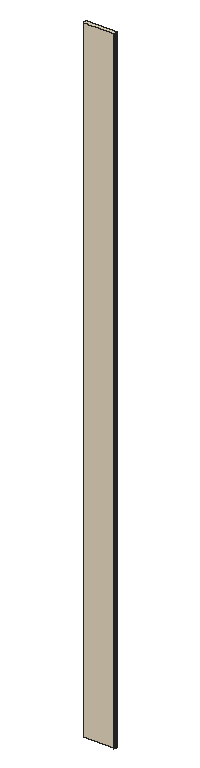
Revit family "HOB_GEN_Symphony_Forte_2", category Generic Models, Revit 2026
Family settings
  Can host rebar = No
  Round Connector Dimension = Use Diameter
  Part Type = Normal
  Work Plane-Based = No
  Always vertical = Yes
  Cut with Voids When Loaded = No
  Maintain Annotation Orientation = No
  Shared = Yes
  Room Calculation Point = No
Parameters
  URL = "https://houseofbamboo.com.au/"
  SectionArea = 0.002 m²  # constant formula
  Model = "Forte 2"
  Material = Bamboo_horizontalGrain
  Manufacturer = "House Of Bamboo"
  Length [instance] = 2900 mm
  Description = "145 mm x 18 mm x 1860 mm"
  Default Elevation = 0 mm
  BambooVolume [instance] = 0.002 m² * Length  # 0.0058 m³
Reference planes
  plane 1 "Center (Front/Back)": y = 0
  plane 2: z = 0
  plane 3 "Center (Left/Right)": x = 0
  plane 4: y = 18
  plane 5: z = 2900
  plane 6: x = 145
Forms (mm)
  Extrusion 1, solid, material "Bamboo_horizontalGrain" <- "Material"
    sketch origin (-12.798, -80.344, 0) x (1, 0, 0) y (0, 1, 0)
      loop
        arc (156.798, 86.844) -> (157.505, 87.137) -> (157.798, 87.844) r 1
        line (157.798, 87.844) -> (157.798, 90.844)
        arc (157.798, 90.844) -> (157.505, 91.551) -> (156.798, 91.844) r 1
        line (156.798, 91.844) -> (151.798, 91.844) -> (151.798, 95.844)
        arc (151.798, 95.844) -> (151.066, 97.612) -> (149.298, 98.344) r 2.5
        line (149.298, 98.344) -> (15.298, 98.344)
        arc (15.298, 98.344) -> (13.53, 97.612) -> (12.798, 95.844) r 2.5
        line (12.798, 95.844) -> (12.798, 93.844)
        arc (12.798, 93.844) -> (13.238, 92.784) -> (14.298, 92.344) r 1.5
        line (14.298, 92.344) -> (18.798, 92.344) -> (18.798, 86.344) -> (14.298, 86.344)
        arc (14.298, 86.344) -> (13.238, 85.905) -> (12.798, 84.844) r 1.5
        line (12.798, 84.844) -> (12.798, 82.844)
        arc (12.798, 82.844) -> (13.53, 81.076) -> (15.298, 80.344) r 2.5
        line (15.298, 80.344) -> (149.298, 80.344)
        arc (149.298, 80.344) -> (151.066, 81.076) -> (151.798, 82.844) r 2.5
        line (151.798, 82.844) -> (151.798, 86.844) -> (156.798, 86.844)
    from 0 to 2900
Dimensions and locks
  plane 4 to plane 1 "Center (Front/Back)" = 18 mm
  "Length": plane 5 to plane 2
  plane 3 "Center (Left/Right)" to plane 6 = 145 mm
  aligned and locked: level to plane 2
  aligned and locked: plane 5 to Extrusion 1
  aligned and locked: Extrusion 1 to level
Automatic sketch dimensions
  plane 3 "Center (Left/Right)" to Extrusion 1 sketch curve = 0 mm  (x2)
  Extrusion 1 sketch curve to Extrusion 1 sketch curve = 1.5 mm  (x2)
  Extrusion 1 sketch curve to Extrusion 1 sketch curve = 1 mm  (x3)
  Extrusion 1 sketch curve to Extrusion 1 sketch curve = 4.5 mm
  Extrusion 1 sketch curve to Extrusion 1 sketch curve = 2.5 mm  (x2)
  Extrusion 1 sketch curve to Extrusion 1 sketch curve = 5 mm  (x2)
  Extrusion 1 sketch curve to plane 4 = 18 mm
  Extrusion 1 sketch curve to Extrusion 1 sketch curve = 2 mm  (x2)
  Extrusion 1 sketch curve to Extrusion 1 sketch curve = 4 mm
  Extrusion 1 sketch curve to Extrusion 1 sketch curve = 3 mm
  Extrusion 1 sketch curve to Extrusion 1 sketch curve = 6 mm
  Extrusion 1 sketch curve to Extrusion 1 sketch curve = 130.5 mm
  Extrusion 1 sketch curve to Extrusion 1 sketch curve = 8.5 mm
